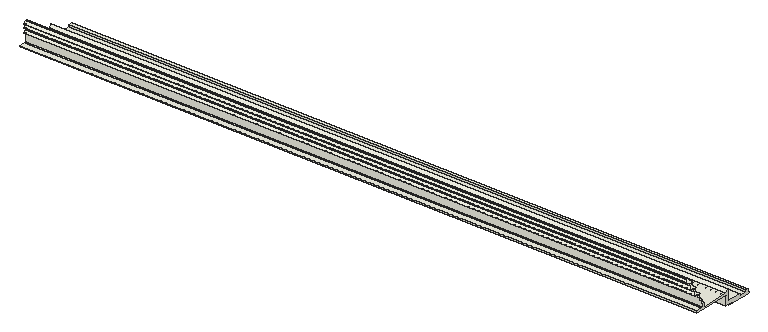
Revit family "PVCEB385R_ Profile", category Specialty Equipment, Revit 2019
Family settings
  Round Connector Dimension = Use Diameter
  Part Type = Normal
  OmniClass Number = 23.10.00.00
  OmniClass Title = Site Products
  Work Plane-Based = No
  Cut with Voids When Loaded = No
  Shared = No
  Room Calculation Point = No
Parameters (values of type "PVCEB385R - Vertical")
  z_Vertical = yes
  z_Left Cut Distance [instance] = if([Left Cut 45° Tee-Cross], 0.00", 6.00")  # 0.00"
  z_Horizontal = no
  z_Distance 3 [instance] = if(Ellbow Cut, 4.00", 15.00")  # 15.00"
  z_Distance 2 [instance] = if(and(Corner Cut, z_Vertical), 0.44", 5.00")  # 5.00"
  z_Distance 1 [instance] = if([Right Cut 45° Tee-Cross], 5.00", 10.00")  # 10.00"
  z_Distance [instance] = if([Left Cut 45° Tee-Cross], 5.00", 10.00")  # 5.00"
  z_Cut Distance [instance] = if(z_Distance 2 = 0.44", 0.44", 0.00")  # 0.00"
  Width = 1.50"
  Weight = ".80 lbs/lft"
  URL = "https://www.jpspecialties.com/"
  z_Right Cut Distance [instance] = if([Right Cut 45° Tee-Cross], 0.00", 6.00")  # 6.00"
  Telephone = "951-763-7077"
  Right Cut 45° Tee-Cross [instance] = no
  Product data url = "www.bimmodeller.com/jpspecialties/products/Polyvinyl-Chloride-PVC-Waterstop"
  Product Material = JP Specialties - Polyvinyl Chloride (PVC)
  Product Guid = "27e5cdcc-cece-4d8c-947d-ca6b8ef269ba"  # constant formula
  NOTE [instance] = "Elbow Cut and Tee-Cross cuts cannot be checked at the same time"  # constant formula
  Model = "PVCEB385R"
  Materials = PVC
  Manufacturer = "J P Specialties Inc."  # constant formula
  built-in parameter 1001306 [instance] = 48.00"
  Left Cut 45° Tee-Cross [instance] = yes
  z_Ellbow Cut Distance [instance] = if(Ellbow Cut, 0.00", 7.00")  # 7.00"
  z_Ellbow Cut Sweep Distance [instance] = if(Ellbow Cut, 5.00", 0.00")  # 0.00"
  Hydrophobic = "Yes"
  Hydrophilic = "No"
  Height = 5.00"
  Ellbow Cut [instance] = no
  Keynote = "13000"
  Edition number = 1
  Description = "PVCEB385R is Earth Shield PVC 3/4\" Retrofit Expansion Board Cap Waterstop."
  Corner Cut [instance] = no
  Certifications = "NSF 61, NSF 372, CRD C-572-74, ASTM D576"
  Assembly Code = "F1030"
Types (2): name | z_Vertical | z_Horizontal | z_Distance 1 | z_Right Cut Distance | Right Cut 45° Tee-Cross
  PVCEB385R - Horizontal | no | yes | 5.00" | 0.00" | yes
  PVCEB385R - Vertical | yes | no | 10.00" | 6.00" | no
Reference planes (in)
  plane 1 "Center (Front/Back)": y = 0
  plane 2: z = 0
  plane 3 "Left": x = 0
  plane 4 "Right": x = 48
  plane 5: y = 3
  plane 6: y = -3
  plane 7: z = -3
  plane 8: z = 5
  plane 9: z = -10
  plane 10: x = 48
  plane 11: z = 15
  plane 12: x = -5
  plane 13: x = 0
  plane 14: y = 4.75
  plane 15: through (50.50871, 1.23081, 48) normal (0.7071, 0.7071, 0)
  plane 16: through (50.50871, 1.23081, 48) normal (0.7071, 0.7071, 0)
  plane 17: through (52.98286, -180, 1.2309) normal (0.7071, 0, -0.7071)
Forms (in)
  Extrusion 1, void
    sketch origin (0, 0, 0) x (1, 0, 0) y (0, 1, 0)
      loop
        line (48, 0) -> (48, 4.75) -> (43.25, 4.75) -> (48, 0)
    from 3 to 12
  Extrusion 2, void
    sketch origin (0, 0, 0) x (1, 0, 0) y (0, 1, 0)
      loop
        line (48, -1.26048) -> (48, 1.75) -> (44.98952, 1.75) -> (48, -1.26048)
    from 4 to 12.82911
  Extrusion 3, void
    sketch origin (0, 0, 0) x (1, 0, 0) y (0, 1, 0)
      loop
        line (48, 0) -> (43.5, -4.5) -> (48, -4.5) -> (48, 0)
    from -3 to 12
  Extrusion 4, void
    sketch origin (0, 0, 0) x (1, 0, 0) y (0, 0, 1)
      loop
        line (48, 0.01119) -> (48, 5) -> (43.01119, 5) -> (48, 0.01119)
    from -8.21469 to 12
  Extrusion 5, void
    sketch origin (0, 0, 0) x (1, 0, 0) y (0, 0, 1)
      loop
        line (48, -5) -> (43, -10) -> (48, -10) -> (48, -5)
    from -8.21469 to 12
  Extrusion 6, void
    sketch origin (0, 0, 0) x (1, 0, 0) y (0, 0, 1)
      loop
        line (48, 12.24804) -> (44.75196, 9) -> (48, 9) -> (48, 12.24804)
    from -10.45709 to 12
  Extrusion 7, void
    sketch origin (0, 0, 0) x (1, 0, 0) y (0, 1, 0)
      loop
        line (-5, -4.5025) -> (4.2525, 4.75) -> (-5, 4.75) -> (-5, -4.5025)
    from -8.14882 to 12
  Sweep 8, solid, material "PVC" <- "Materials", visible <- "z_Horizontal"
    path origin (0, 0, 0) x (1, 0, 0) y (0, 1, 0)
      loop
        line (-5, 0.00016) -> (48, 0.00016)
    profile "PVCEB385R : PVCEB385R" origin (21.5, 0.00016, 0) x (0, 1, 0) y (0, 0, 1)
      loop
        line (0.28438, -2.5) -> (0.41064, -2.5) -> (0.41064, 0.21444) -> (0.47376, 0.27756) -> (1.16815, 0.27756) -> (1.16815, 0.5625) -> (1.23065, 0.5625) -> (1.23065, 0.625) -> (1.16815, 0.625) -> (1.16815, 0.75) -> (1.23065, 0.75) -> (1.23065, 0.8125) -> (1.16815, 0.8125) -> (1.16815, 0.9375) -> (1.23065, 0.9375) -> (1.23065, 1) -> (1.16815, 1) -> (1.16815, 1.125) -> (1.23065, 1.125) -> (1.23065, 1.1875) -> (1.16815, 1.1875) -> (1.16815, 1.3125) -> (1.23065, 1.3125) -> (1.23065, 1.375) -> (1.16815, 1.375) -> (1.16815, 1.5) -> (1.23065, 1.5) -> (1.23065, 1.5625) -> (1.16815, 1.5625) -> (1.16815, 1.6875) -> (1.23065, 1.6875) -> (1.23065, 1.75) -> (1.16815, 1.75) -> (1.16815, 1.875) -> (1.23065, 1.875) -> (1.23065, 1.9375) -> (1.16815, 1.9375) -> (1.16815, 2.0625) -> (1.23065, 2.0625) -> (1.23065, 2.125) -> (1.16815, 2.125) -> (1.16815, 2.25) -> (1.23065, 2.25) -> (1.23065, 2.3125) -> (1.16815, 2.3125) -> (1.16815, 2.4375) -> (1.23065, 2.4375) -> (1.23065, 2.5) -> (0.91815, 2.5) -> (0.91815, 2.25) -> (1.04315, 2.25) -> (1.04315, 1.625) -> (0.91815, 1.625) -> (0.91815, 0.53007) -> (0.095, 0.53007) -> (0.28438, 0.34069) -> (0.28438, -1.80561) -> (0.22126, -1.86874) -> (-0.44152, -1.86874) -> (-0.44152, -1.74248) -> (-0.47314, -1.74248) -> (-0.59939, -1.86874) -> (-0.75725, -1.86874) -> (-0.75725, -1.74248) -> (-0.78877, -1.74248) -> (-0.91502, -1.86874) -> (-1.07279, -1.86874) -> (-1.07279, -1.74248) -> (-1.1044, -1.74248) -> (-1.23065, -1.86874) -> (-1.23065, -1.99499) -> (-1.1044, -2.12124) -> (-1.07279, -2.12124) -> (-1.07279, -1.99499) -> (-0.91502, -1.99499) -> (-0.78877, -2.12124) -> (-0.75725, -2.12124) -> (-0.75725, -1.99499) -> (-0.59939, -1.99499) -> (-0.47314, -2.12124) -> (-0.44152, -2.12124) -> (-0.44152, -1.99499) -> (0.22126, -1.99499) -> (0.28438, -2.05811) -> (0.28438, -2.5)
  Sweep 9, solid, material "PVC" <- "Materials", visible <- "z_Vertical"
    path origin (0, 0, 0) x (1, 0, 0) y (0, 1, 0)
      loop
        line (-5, 0) -> (48, 0)
    profile "PVCEB385R : PVCEB385R" origin (21.5, 0, 0) x (0, 1, 0) y (0, 0, 1)
      loop
        line (-2.49957, -0.28419) -> (-2.49956, -0.41044) -> (0.21488, -0.41021) -> (0.27801, -0.47333) -> (0.27807, -1.16772) -> (0.56301, -1.16769) -> (0.56301, -1.23019) -> (0.62551, -1.23019) -> (0.62551, -1.16769) -> (0.75051, -1.16768) -> (0.75051, -1.23018) -> (0.81301, -1.23017) -> (0.81301, -1.16767) -> (0.93801, -1.16766) -> (0.93801, -1.23016) -> (1.00051, -1.23016) -> (1.00051, -1.16766) -> (1.12551, -1.16765) -> (1.12551, -1.23015) -> (1.18801, -1.23014) -> (1.18801, -1.16764) -> (1.31301, -1.16763) -> (1.31301, -1.23013) -> (1.37551, -1.23012) -> (1.37551, -1.16762) -> (1.50051, -1.16761) -> (1.50051, -1.23011) -> (1.56301, -1.23011) -> (1.56301, -1.16761) -> (1.68801, -1.1676) -> (1.68801, -1.2301) -> (1.75051, -1.23009) -> (1.75051, -1.16759) -> (1.87551, -1.16758) -> (1.87551, -1.23008) -> (1.93801, -1.23008) -> (1.93801, -1.16758) -> (2.06301, -1.16757) -> (2.06301, -1.23007) -> (2.12551, -1.23006) -> (2.12551, -1.16756) -> (2.25051, -1.16755) -> (2.25051, -1.23005) -> (2.31301, -1.23004) -> (2.31301, -1.16754) -> (2.43801, -1.16753) -> (2.43801, -1.23003) -> (2.50051, -1.23003) -> (2.50049, -0.91753) -> (2.25049, -0.91755) -> (2.2505, -1.04255) -> (1.6255, -1.0426) -> (1.62549, -0.9176) -> (0.53056, -0.9177) -> (0.53049, -0.09455) -> (0.34112, -0.28394) -> (-1.80518, -0.28413) -> (-1.86831, -0.22101) -> (-1.86836, 0.44177) -> (-1.74211, 0.44178) -> (-1.74211, 0.4734) -> (-1.86838, 0.59964) -> (-1.86839, 0.7575) -> (-1.74214, 0.75751) -> (-1.74214, 0.78903) -> (-1.8684, 0.91527) -> (-1.86842, 1.07304) -> (-1.74217, 1.07305) -> (-1.74217, 1.10466) -> (-1.86843, 1.2309) -> (-1.99468, 1.23089) -> (-2.12093, 1.10463) -> (-2.12092, 1.07301) -> (-1.99467, 1.07302) -> (-1.99466, 0.91526) -> (-2.1209, 0.78899) -> (-2.1209, 0.75748) -> (-1.99464, 0.75749) -> (-1.99463, 0.59963) -> (-2.12087, 0.47336) -> (-2.12087, 0.44175) -> (-1.99462, 0.44176) -> (-1.99456, -0.22102) -> (-2.05768, -0.28415) -> (-2.49957, -0.28419)
Cuts and joins
  Extrusion 1, Extrusion 2, Extrusion 3 cuts Sweep 8
  Extrusion 4, Extrusion 5, Extrusion 6 cuts Sweep 9
Dimensions and locks (in)
  "built-in parameter 1001306": plane 3 "Left" to plane 4 "Right"
  equal spacing: plane 5, plane 1 "Center (Front/Back)", plane 6
  locked: plane 5 to plane 6 at 6
  locked: Extrusion 1 sketch curve to plane 4 "Right" at 4.75
  locked: Extrusion 3 sketch curve to plane 4 "Right" at 4.5
  locked: plane 6 to Extrusion 3 sketch curve at 3
  plane 8 to Extrusion 4 sketch curve = 4.98881"
  locked: Extrusion 5 sketch curve to plane 9 at 5
  "z_Ellbow Cut Sweep Distance": plane 10 to plane 4 "Right"
  "z_Distance 2": plane 12 to plane 3 "Left"
  locked: plane 1 "Center (Front/Back)" to Extrusion 7 sketch curve at 4.75
  "z_Cut Distance": plane 13 to plane 3 "Left"
  locked: plane 12 to Extrusion 7 sketch curve at 9.2525
  locked: plane 5 to plane 14 at 1.75
  "z_Distance": plane 8 to level
  "z_Distance 3": plane 11 to plane 2
  level to plane 7 = 3.00"
  "z_Ellbow Cut Distance": Extrusion 2 to plane 7
  "z_Distance 1": level to plane 9
  "z_Left Cut Distance": Extrusion 3 to plane 7
  "z_Right Cut Distance": Extrusion 1 to plane 7
  Extrusion 2 sketch curve to plane 1 "Center (Front/Back)" to Extrusion 2 sketch curve = 1.26048" locked, 1.75" locked
  plane 11 to Extrusion 6 sketch curve to Extrusion 6 sketch curve = 2.75196" locked, 3.24804" locked
  locked: plane 4 "Right" to Extrusion 1 sketch curve (angle 45.00°)
  locked: Extrusion 3 sketch curve to plane 4 "Right" (angle 45.00°)
  locked: plane 4 "Right" to Extrusion 4 sketch curve (angle 45.00°)
  angle Extrusion 5 sketch curve to plane 4 "Right" = 45.00°
  locked: Extrusion 7 sketch curve to plane 12 (angle 45.00°)
  locked: Extrusion 2 sketch curve to Extrusion 2 sketch curve (angle 45.00°)
  locked: Extrusion 6 sketch curve to Extrusion 6 sketch curve (angle 45.00°)
  aligned and locked: level to plane 2
  aligned and locked: Extrusion 1 sketch curve to plane 4 "Right"
  aligned and locked: plane 1 "Center (Front/Back)" to Extrusion 1 sketch curve
  aligned and locked: Extrusion 4 sketch curve to plane 8
  aligned and locked: Extrusion 4 sketch curve to plane 4 "Right"
  aligned and locked: plane 4 "Right" to Extrusion 5 sketch curve  (x2)
  aligned and locked: plane 9 to Extrusion 5 sketch curve
  aligned and locked: plane 10 to Extrusion 6 sketch curve
  aligned and locked: plane 12 to Sweep 8 sketch curve
  aligned and locked: plane 10 to Extrusion 3 sketch curve
  aligned and locked: plane 14 to Extrusion 1 sketch curve
  aligned and locked: plane 12 to Sweep 9 sketch curve
  aligned and locked: plane 1 "Center (Front/Back)" to Sweep 9 sketch curve
  aligned and locked: plane 10 to Sweep 9 sketch curve
  aligned and locked: plane 12 to Extrusion 7 sketch curve
  aligned and locked: plane 10 to Extrusion 2 sketch curve
  aligned and locked: plane 10 to Sweep 8 sketch curve
Automatic sketch dimensions
  Sweep 8 sketch curve to plane 1 "Center (Front/Back)" = 0.00016"
